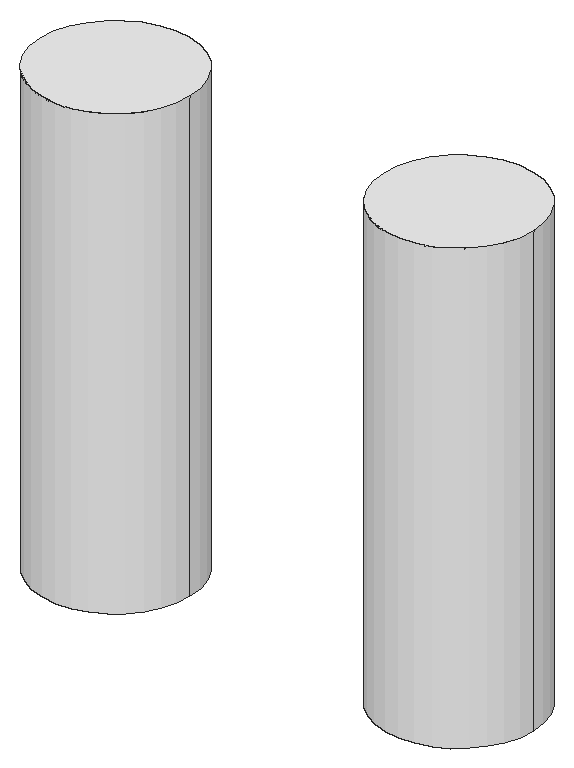
Revit family "56462203", category Plumbing Fixtures, Revit 2017
Family settings
  Round Connector Dimension = Use Diameter
  Part Type = Normal
  OmniClass Number = 23.45.55.00
  OmniClass Title = Sanitary Faucets, Wastes
  Work Plane-Based = No
  Always vertical = Yes
  Cut with Voids When Loaded = No
  Shared = No
  Room Calculation Point = No
Parameters (values of type "56462203 Bath faucet")
  WorkingPressure = "50 - 1000 kPa"
  WarrantyStartDate [instance] = "n/a"
  WarrantyGuarantorParts = "n/a"
  WarrantyGuarantorLabor = "n/a"
  WarrantyDurationUnit = "Year"
  WarrantyDurationParts = "n/a"
  WarrantyDurationLabor = "n/a"
  WarrantyDescription = "http://warranty.hansa.com"
  VersionDate = "17/07/2019"  # constant formula
  Version = "1"  # constant formula
  ValvePattern = "n/a"
  ValveOperation = "n/a"
  ValveMechanism = "n/a"
  Uniclass2015Reference = "Pr_40_30_96_07"
  Uniclass2015Description = "Bath manual water supply sets"
  Uniclass2 = "Pr_40_20_87_07"
  URL ACS = "http://static.hansa.com/ACS/56462203"
  URL = ""
  TestPressure = "n/a"
  Temperature = "Temperature limiter"
  TagNumber [instance] = "n/a"
  SustainabilityPerformance = "n/a"
  Spout Type = "Fixed spout"
  Spare Parts = "http://static.hansa.com/sp/56462203"
  Size = "90x200x150mm"
  Shape = "Sculptured"
  SerialNumber [instance] = "n/a"
  Revision = "n/a"
  ReplacementCost = "n/a"
  Projection = 164 mm
  ProductInformation = "n/a"
  Product URL = "http://static.hansa.com/56462203"
  Product Image URL = "http://static.hansa.com/image/56462203"
  Product Family = "HANSAPALENO"
  Product Datasheet = "http://www.hansa.com/datasheet/56462203/en"
  Product Code = "56462203"
  Package external Dimensions = "330 x 323 x 85"
  Package Weight = "1.979 kg"
  OperatingMechanismMaterial = "n/a"
  NominalWidth = 88.933 mm
  NominalHeight = 156.6 mm
  NominalDepth = 201.1 mm
  Noise Class = "II(ISO 3822)"
  Name_en = "56462203 Bath faucet"
  Name = "56462203 Bath faucet"
  NBSReference = "45-35-70/315"
  NBSDescription = "Water supply fittings for baths"
  Mounting Holes = "1 mounting hole"
  ModelReference = "56462203"
  ModelNumber = "n/a"
  Model = "56462203 Bath faucet"
  Mechanical Parts = "Non-return valve(s);Mixing valve"
  Max. Hot Water Supply = 90 °C
  Material = "Brass"
  Market = "AUT;ITA;FRA;CHE;ESP"
  ManufacturerName = "Hansa"
  Manufacturer = "Hansa"
  ManufacterURL = "http://www.hansa.com/"
  Lever Handle = "Lever with H+C symbol"
  InstallationDate [instance] = "n/a"
  Installation and Maintenance = "http://static.hansa.com/manual/56462203"
  Installation Type = "Rim mounted"
  InletConnectionSize = 10 mm
  IfcExportType = "FAUCET"  # constant formula
  IfcExportAs = "IfcValveType"  # constant formula
  Group = "Bath and shower faucets"
  Grade = "n/a"
  FlowCoefficient = 0
  Flow Rate At 300kPa = 0.32 L/s
  Flow Drawing URL = "http://static.hansa.com/flowchart/56462203"
  Finish = "Polished"
  Features = "Single lever"
  FaucetMainMaterial = Brass
  FDV Document URL = "http://www.hansa.com/datasheet/56462203/en/fdv"
  Extensions = "Pop-up waste with draw-rod"
  ExpectedLife = "n/a"
  EN Standard = "EN 817"
  EAN Number = "4057304011979"
  DurationUnit = "Year"
  Dimension Drawing URL = "http://static.hansa.com/dimdrw/56462203"
  Description = ""
  DefaultElevation [instance] = 900 mm
  DN Size = "DN15"
  Customs Code = "84818011"
  ConvergoRefNr = "0087-1909-0029-FI"
  Constituents = "n/a"
  Connection Size = "G3/8"
  Connection = "Flexible inlet pipes"
  Color = "Chrome"
  CodePerformance = "n/a"
  CloseOffRating = 0
  Class = "Single lever"
  Category = "Bathroom"
  Catalog Drawing URL = "http://static.hansa.com/catdrw/56462203"
  Brand = "Hansa"
  BodyMaterial = "Brass"
  Barcode [instance] = "n/a"
  Backflow Prevention EN1717 = "EB"
  BIMObjectName = "56462203"
  Author = "Convergo AB"  # constant formula
  AssetType = "Fixed"
  AssetIdentifier [instance] = "n/a"
  Approval ACS = "16 ACC NY 205"
  AccessibilityPerformance = "n/a"
Reference planes
  plane 1 "Center (Front/Back)": y = 0
  plane 2: z = 0
  plane 3 "Center (Left/Right)": x = 0
  plane 4: x = -25.05
  plane 5: z = 900
  plane 6: z = 870
  plane 7: y = -201.1
  plane 8: x = 25.05
  plane 9: z = 1056.6
  plane 10: x = 63.883
Forms (mm)
  Extrusion 1, solid, material "Brass" <- "FaucetMainMaterial"
    sketch origin (-44.989, -3.512, 0) x (1, 0, 0) y (0, 1, 0)
      loop
        circle (33.489, -36) r 5
      loop
        circle (56.489, -36) r 5
    from 870 to 900
Dimensions and locks
  "DefaultElevation": plane 5 to level
  locked: plane 5 to plane 6 at 30
  "NominalDepth": plane 7 to plane 1 "Center (Front/Back)"
  "NominalHeight": plane 9 to plane 5
  equal spacing: plane 4, plane 3 "Center (Left/Right)", plane 8
  "NominalWidth": plane 4 to plane 10
  plane 8 to plane 10 = 38.833 mm
  "InletConnectionSize": diameter of Extrusion 1 sketch curve  (x2)
  aligned and locked: level to plane 2
  aligned and locked: plane 5 to Extrusion 1
  aligned and locked: Extrusion 1 to plane 6
  aligned and locked: plane 5 to nested 2
Automatic sketch dimensions
  Extrusion 1 sketch curve to plane 3 "Center (Left/Right)" = 11.5 mm
  plane 3 "Center (Left/Right)" to Extrusion 1 sketch curve = 11.5 mm
  plane 1 "Center (Front/Back)" to Extrusion 1 sketch curve = 39.512 mm  (x2)
Nested families
  nested 1: "Symbol" at (0, 0, 0), type "Symbol", detail levels coarse
  nested 2: "56462203_p" at (0, 0, 900.016), Main <- "FaucetMainMaterial", type "56462203_p"
    with Main Brass
Connectors
  piping at (-11.5, -39.512, 870), diameter 10, driven by "InletConnectionSize"
    settings: on Extrusion 1, index 1, connector inside diameter 609.6 mm, connector length 0 mm, flow factor 0, pipe flow 0.1 L/s, pressure drop 0.0 Pa, fitting loss kfactor 0, connector angle 0.00°, fixture units 0, engagement length 0 mm, angle of deflection 0.00°, flow configuration 1, flow direction 1, fitting loss method 0, system type 19, joint type 0, gender type 0, connector reference index -1, connector utility 0, adjustable connector no, is connector primary yes, connector description ""
  piping at (11.5, -39.512, 870), diameter 10, driven by "InletConnectionSize"
    settings: on Extrusion 1, index 2, connector inside diameter 609.6 mm, connector length 0 mm, flow factor 0, pipe flow 0.1 L/s, pressure drop 0.0 Pa, fitting loss kfactor 0, connector angle 0.00°, fixture units 0, engagement length 0 mm, angle of deflection 0.00°, flow configuration 1, flow direction 1, fitting loss method 0, system type 20, joint type 0, gender type 0, connector reference index -1, connector utility 0, adjustable connector no, is connector primary no, connector description ""
Definition of nested family "Symbol"
  Reference planes
    plane 1: y = 0
    plane 2: x = 0
  Lines and regions (mm)
    detail lines
      curve 1: line (0, 0, 0) -> (0, -1.8, 0)
      curve 2: line (-0.4, -1.1, 0) -> (0.4, -1.1, 0)
      curve 3: line (-0.4, -1.4, 0) -> (0.4, -1.4, 0)
      curve 4: line (0.863, 0, 0) -> (-0.863, 0, 0)
      curve 5: circle (-1.163, 0, 0) r 0.3 normal (0, 0, -1)
      curve 6: circle (1.163, 0, 0) r 0.3 normal (0, 0, 1)
